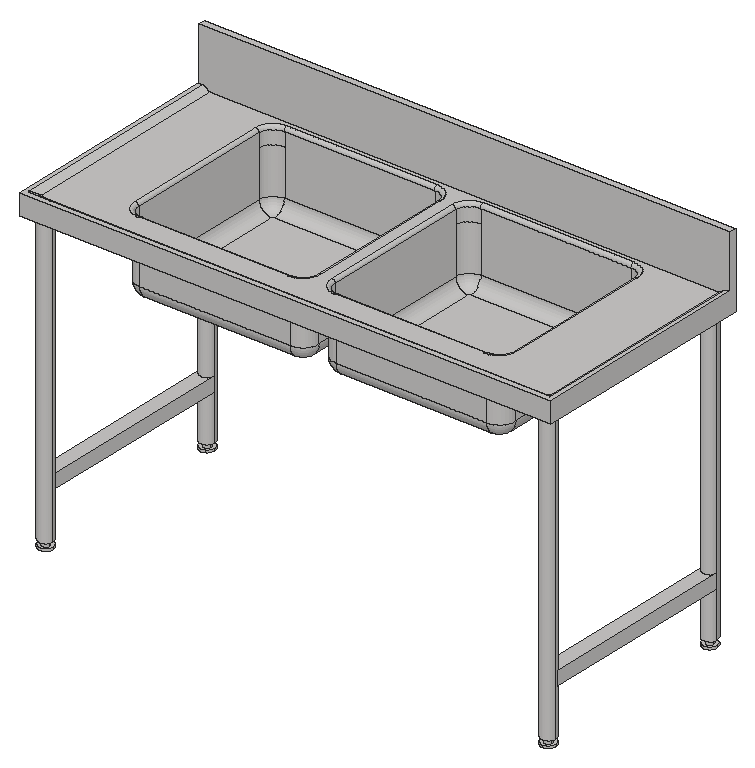
Revit family
Parameters (values of type "1500 X 650 Bowl Center")
  Material = Stainless Steel Grade 304
  Depth of Bowl = 230 mm
  Width of Bowl = 505 mm
  Length of Bowl = 505 mm
  Distance of Bowl = 220 mm
  Waste Connection Radius = Waste Connection Diameter / 2  # 20 mm
  Waste Connection Diameter = 40 mm
  WFU = 0
  URL = "http://www.autospec.co.za/browse.php?id=1644179283"
  Product Code = "None"
  OmniClass Title = ""
  OmniClass Number = ""
  Modspec Classification = ""
  Specification = ""
  Location (revit room) = ""
  Bowl Position [instance] = if(Bowl Position End, Distance of Bowl, if(Bowl Position Center, (Length / 2 - Length of Bowl - 25 mm), Distance of Bowl))  # 220 mm
  Description = ""
  Colour = none
  Bowl Position End = no
  Bowl Position Center = not(Bowl Position End)  # yes
  Body Finish = none
  Splashback Height = 150 mm
  Width = 650 mm
  Model = "Catering Sink Double Bowl Center Series KS2-1500 X 650"
  Manufacturer = "Kwikot"  # constant formula
  Length = 1500 mm
  Height = 1050 mm
  Assembly Code = "E1090300"
Reference planes
  plane 1 "Center (Front/Back)": y = 0
  plane 2 "Bottom": z = 0
  plane 3 "Center (Left/Right)": x = 0
  plane 4 "Left": x = -750
  plane 5 "Right": x = 750
  plane 6 "Front": y = -650
  plane 7 "Top": z = 1050
  plane 8: z = 900
  plane 9: z = 840
  plane 10: z = 670
  plane 11: y = -295
  plane 12: x = 277.5
  plane 13: x = -277.5
  plane 14: x = 530
  plane 15: x = -25
  plane 16: x = -530
  plane 17: x = 25
  plane 18: y = -42.5
  plane 19: y = -547.5
Forms (mm)
  Extrusion 1, solid, material "Stainless Steel Grade 304" <- "Material"
    sketch origin (-750, -491, 4000) x (0, -1, 0) y (0, 0, 1)
      loop
        line (-491, -3160) -> (159, -3160) -> (159, -3100) -> (-471, -3100) -> (-471, -2950) -> (-491, -2950) -> (-491, -3160)
    from 0 to -1500
  Blend 2, void
    base sketch origin (-779.234, -1524, 900) x (0, -1, 0) y (1, 0, 0)
      loop
        arc (-891, 41.234) -> (-887.464, 42.698) -> (-886, 46.234) r 5
        line (-886, 46.234) -> (-886, 1512.234)
        arc (-886, 1512.234) -> (-887.464, 1515.769) -> (-891, 1517.234) r 5
        line (-891, 1517.234) -> (-1504, 1517.234) -> (-1504, 41.234) -> (-891, 41.234)
    top sketch origin (-779.234, -1524, 900) x (0, -1, 0) y (1, 0, 0)
      loop
        line (-1504, 61.234) -> (-911, 61.234)
        arc (-911, 61.234) -> (-907.464, 62.698) -> (-906, 66.234) r 5
        line (-906, 66.234) -> (-906, 1492.234)
        arc (-906, 1492.234) -> (-907.464, 1495.769) -> (-911, 1497.234) r 5
        line (-911, 1497.234) -> (-1504, 1497.234) -> (-1504, 61.234)
    from 0 to -12
  Extrusion 3, void
    sketch origin (-779.234, -1524, 840) x (0, -1, 0) y (-1, 0, 0)
      loop
        line (-1481.5, -844.234) -> (-1481.5, -1269.234)
        arc (-1481.5, -1269.234) -> (-1469.784, -1297.518) -> (-1441.5, -1309.234) r 40
        line (-1441.5, -1309.234) -> (-1016.5, -1309.234)
        arc (-1016.5, -1309.234) -> (-988.216, -1297.518) -> (-976.5, -1269.234) r 40
        line (-976.5, -1269.234) -> (-976.5, -844.234)
        arc (-976.5, -844.234) -> (-988.216, -815.949) -> (-1016.5, -804.234) r 40
        line (-1016.5, -804.234) -> (-1441.5, -804.234)
        arc (-1441.5, -804.234) -> (-1469.784, -815.949) -> (-1481.5, -844.234) r 40
      loop
        arc (-1481.5, -714.234) -> (-1469.784, -742.518) -> (-1441.5, -754.234) r 40
        line (-1441.5, -754.234) -> (-1016.5, -754.234)
        arc (-1016.5, -754.234) -> (-988.216, -742.518) -> (-976.5, -714.234) r 40
        line (-976.5, -714.234) -> (-976.5, -289.234)
        arc (-976.5, -289.234) -> (-988.216, -260.949) -> (-1016.5, -249.234) r 40
        line (-1016.5, -249.234) -> (-1441.5, -249.234)
        arc (-1441.5, -249.234) -> (-1469.784, -260.949) -> (-1481.5, -289.234) r 40
        line (-1481.5, -289.234) -> (-1481.5, -714.234)
    from 0 to -60
  Sweep 4, solid, material "Stainless Steel Grade 304" <- "Material"
    path origin (-779.234, -1524, 900) x (-1, 0, 0) y (0, -1, 0)
      loop
        line (-804.234, -1441.5) -> (-804.234, -1016.5)
        arc (-804.234, -1016.5) -> (-815.949, -988.216) -> (-844.234, -976.5) r 40
        line (-844.234, -976.5) -> (-1269.234, -976.5)
        arc (-1269.234, -976.5) -> (-1297.518, -988.216) -> (-1309.234, -1016.5) r 40
        line (-1309.234, -1016.5) -> (-1309.234, -1441.5)
        arc (-1309.234, -1441.5) -> (-1297.518, -1469.784) -> (-1269.234, -1481.5) r 40
        line (-1269.234, -1481.5) -> (-844.234, -1481.5)
        arc (-844.234, -1481.5) -> (-815.949, -1469.784) -> (-804.234, -1441.5) r 40
    profile origin (25, -295, 900) x (1, 0, 0) y (0, 0, 1)
      loop
        line (0, -12) -> (-5, -12) -> (-5, -190)
        arc (-5, -190) -> (6.716, -218.284) -> (35, -230) r 40
        line (35, -230) -> (35, -225)
        arc (35, -225) -> (10.251, -214.749) -> (0, -190) r 35
        line (0, -190) -> (0, -12)
  Sweep 5, solid, material "Stainless Steel Grade 304" <- "Material"
    path origin (-779.234, -1524, 900) x (-1, 0, 0) y (0, -1, 0)
      loop
        line (-249.234, -1441.5) -> (-249.234, -1016.5)
        arc (-249.234, -1016.5) -> (-260.949, -988.216) -> (-289.234, -976.5) r 40
        line (-289.234, -976.5) -> (-714.234, -976.5)
        arc (-714.234, -976.5) -> (-742.518, -988.216) -> (-754.234, -1016.5) r 40
        line (-754.234, -1016.5) -> (-754.234, -1441.5)
        arc (-754.234, -1441.5) -> (-742.518, -1469.784) -> (-714.234, -1481.5) r 40
        line (-714.234, -1481.5) -> (-289.234, -1481.5)
        arc (-289.234, -1481.5) -> (-260.949, -1469.784) -> (-249.234, -1441.5) r 40
    profile origin (-530, -295, 900) x (1, 0, 0) y (0, 0, 1)
      loop
        line (0, -12) -> (-5, -12) -> (-5, -190)
        arc (-5, -190) -> (6.716, -218.284) -> (35, -230) r 40
        line (35, -230) -> (35, -225)
        arc (35, -225) -> (10.251, -214.749) -> (0, -190) r 35
        line (0, -190) -> (0, -12)
  Extrusion 6, solid, material "Stainless Steel Grade 304" <- "Material"
    sketch origin (-779.234, -1524, 670) x (-1, 0, 0) y (0, -1, 0)
      loop
        arc (-284.234, -1016.5) -> (-285.698, -1012.964) -> (-289.234, -1011.5) r 5
        line (-289.234, -1011.5) -> (-714.234, -1011.5)
        arc (-714.234, -1011.5) -> (-717.769, -1012.964) -> (-719.234, -1016.5) r 5
        line (-719.234, -1016.5) -> (-719.234, -1441.5)
        arc (-719.234, -1441.5) -> (-717.769, -1445.036) -> (-714.234, -1446.5) r 5
        line (-714.234, -1446.5) -> (-289.234, -1446.5)
        arc (-289.234, -1446.5) -> (-285.698, -1445.036) -> (-284.234, -1441.5) r 5
        line (-284.234, -1441.5) -> (-284.234, -1016.5)
      loop
        circle (-501.734, -1229) r 26
    from 0 to 5
  Extrusion 7, solid, material "Stainless Steel Grade 304" <- "Material"
    sketch origin (-779.234, -1524, 670) x (-1, 0, 0) y (0, -1, 0)
      loop
        arc (-839.234, -1016.5) -> (-840.698, -1012.964) -> (-844.234, -1011.5) r 5
        line (-844.234, -1011.5) -> (-1269.234, -1011.5)
        arc (-1269.234, -1011.5) -> (-1272.769, -1012.964) -> (-1274.234, -1016.5) r 5
        line (-1274.234, -1016.5) -> (-1274.234, -1441.5)
        arc (-1274.234, -1441.5) -> (-1272.769, -1445.036) -> (-1269.234, -1446.5) r 5
        line (-1269.234, -1446.5) -> (-844.234, -1446.5)
        arc (-844.234, -1446.5) -> (-840.698, -1445.036) -> (-839.234, -1441.5) r 5
        line (-839.234, -1441.5) -> (-839.234, -1016.5)
      loop
        circle (-1056.734, -1229) r 26
    from 0 to 5
  Blend 8, solid, material "Stainless Steel Grade 304" <- "Material"
    base sketch origin (-779.234, -1524, 670) x (-1, 0, 0) y (0, -1, 0)
      loop
        circle (-501.734, -1229) r 26
    top sketch origin (-779.234, -1524, 670) x (-1, 0, 0) y (0, -1, 0)
      loop
        circle (-501.734, -1229) r 20
    from 0 to -5
  Blend 9, solid, material "Stainless Steel Grade 304" <- "Material"
    base sketch origin (-779.234, -1524, 670) x (-1, 0, 0) y (0, -1, 0)
      loop
        circle (-1056.734, -1229) r 26
    top sketch origin (-779.234, -1524, 670) x (-1, 0, 0) y (0, -1, 0)
      loop
        circle (-1056.734, -1229) r 20
    from 0 to -5
  Sweep 10, void
    path origin (-779.234, -1524, 900) x (-1, 0, 0) y (0, -1, 0)
      loop
        line (-249.234, -1441.5) -> (-249.234, -1016.5)
        arc (-249.234, -1016.5) -> (-260.949, -988.216) -> (-289.234, -976.5) r 40
        line (-289.234, -976.5) -> (-714.234, -976.5)
        arc (-714.234, -976.5) -> (-742.518, -988.216) -> (-754.234, -1016.5) r 40
        line (-754.234, -1016.5) -> (-754.234, -1441.5)
        arc (-754.234, -1441.5) -> (-742.518, -1469.784) -> (-714.234, -1481.5) r 40
        line (-714.234, -1481.5) -> (-289.234, -1481.5)
        arc (-289.234, -1481.5) -> (-260.949, -1469.784) -> (-249.234, -1441.5) r 40
    profile origin (-530, -295, 900) x (1, 0, 0) y (0, 0, 1)
      loop
        line (0, -12) -> (-10, -12)
        arc (-10, -12) -> (-2.929, -14.929) -> (0, -22) r 10
        line (0, -22) -> (0, -12)
  Sweep 11, void
    path origin (-779.234, -1524, 900) x (-1, 0, 0) y (0, -1, 0)
      loop
        line (-804.234, -1441.5) -> (-804.234, -1016.5)
        arc (-804.234, -1016.5) -> (-815.949, -988.216) -> (-844.234, -976.5) r 40
        line (-844.234, -976.5) -> (-1269.234, -976.5)
        arc (-1269.234, -976.5) -> (-1297.518, -988.216) -> (-1309.234, -1016.5) r 40
        line (-1309.234, -1016.5) -> (-1309.234, -1441.5)
        arc (-1309.234, -1441.5) -> (-1297.518, -1469.784) -> (-1269.234, -1481.5) r 40
        line (-1269.234, -1481.5) -> (-844.234, -1481.5)
        arc (-844.234, -1481.5) -> (-815.949, -1469.784) -> (-804.234, -1441.5) r 40
    profile origin (25, -295, 900) x (1, 0, 0) y (0, 0, 1)
      loop
        line (0, -12) -> (-10, -12)
        arc (-10, -12) -> (-2.929, -14.929) -> (0, -22) r 10
        line (0, -22) -> (0, -12)
  Extrusion 12, solid, material "Stainless Steel Grade 304" <- "Material"
    sketch origin (0, 0, 0) x (1, 0, 0) y (0, 1, 0)
      loop
        circle (-710, -610) r 21
      loop
        circle (-710, -40) r 21
      loop
        circle (710, -610) r 21
      loop
        circle (710, -40) r 21
    from 0 to 5
  Extrusion 13, solid, material "Stainless Steel Grade 304" <- "Material"
    sketch origin (0, 0, 0) x (1, 0, 0) y (0, 1, 0)
      loop
        circle (710, -610) r 10
      loop
        circle (710, -40) r 10
      loop
        circle (-710, -40) r 10
      loop
        circle (-710, -610) r 10
    from 5 to 20
  Extrusion 14, solid, material "Stainless Steel Grade 304" <- "Material"
    sketch origin (-779.234, -1524, 840) x (-1, 0, 0) y (0, -1, 0)
      loop
        circle (-69.234, -914) r 21
      loop
        circle (-69.234, -1484) r 21
      loop
        circle (-1489.234, -1484) r 21
      loop
        circle (-1489.234, -914) r 21
    from 0 to -820
  Extrusion 15, solid, material "Stainless Steel Grade 304" <- "Material"
    sketch origin (0, 0, 0) x (1, 0, 0) y (0, 1, 0)
      loop
        line (-689, -610) -> (-689, -40)
        arc (-689, -40) -> (-710, -61) -> (-731, -40) r 21
        line (-731, -40) -> (-731, -610)
        arc (-731, -610) -> (-710, -589) -> (-689, -610) r 21
      loop
        line (689, -40) -> (689, -610)
        arc (689, -610) -> (710, -589) -> (731, -610) r 21
        line (731, -610) -> (731, -40)
        arc (731, -40) -> (710, -61) -> (689, -40) r 21
    from 150 to 190
Cuts and joins
  Blend 2, Extrusion 3, Sweep 10, Sweep 11 cuts Extrusion 1
  Sweep 10, Sweep 11 cuts Sweep 4
  Sweep 10, Sweep 11 cuts Sweep 5
  Sweep 10, Sweep 11 cuts Extrusion 6
  Sweep 10, Sweep 11 cuts Extrusion 7
  joined: Extrusion 1, Sweep 4, Sweep 5, Extrusion 6, Extrusion 7, Blend 8, Blend 9
Lines and regions (mm)
  symbolic lines
    curve 1: line (-750, 0, 750) -> (-750, -650, 750)
    curve 2: line (750, 0, 750) -> (-750, 0, 750)
    curve 3: line (750, -650, 750) -> (750, 0, 750)
    curve 4: line (-750, -650, 750) -> (750, -650, 750)
    curve 5: line (-750, -20, 750) -> (750, -20, 750)
    curve 6: line (-738, -633, 1050) -> (-738, -20, 1050)
    curve 7: arc (-733, -638, 1050) -> (-736.536, -636.536, 1050) -> (-738, -633, 1050) r 5
    curve 8: line (733, -638, 1050) -> (-733, -638, 1050)
    curve 9: line (-718, -20, 1050) -> (-718, -613, 1050)
    curve 10: arc (-718, -613, 1050) -> (-716.536, -616.536, 1050) -> (-713, -618, 1050) r 5
    curve 11: line (-713, -618, 1050) -> (713, -618, 1050)
    curve 12: arc (713, -618, 1050) -> (716.536, -616.536, 1050) -> (718, -613, 1050) r 5
    curve 13: line (718, -613, 1050) -> (718, -20, 1050)
    curve 14: arc (738, -633, 1050) -> (736.536, -636.536, 1050) -> (733, -638, 1050) r 5
    curve 15: line (738, -20, 1050) -> (738, -633, 1050)
    curve 16: line (490, -547.5, 1050) -> (65, -547.5, 1050)
    curve 17: arc (65, -547.5, 1050) -> (36.716, -535.784, 1050) -> (25, -507.5, 1050) r 40
    curve 18: line (25, -507.5, 1050) -> (25, -82.5, 1050)
    curve 19: arc (25, -82.5, 1050) -> (36.716, -54.216, 1050) -> (65, -42.5, 1050) r 40
    curve 20: line (65, -42.5, 1050) -> (490, -42.5, 1050)
    curve 21: arc (490, -42.5, 1050) -> (518.284, -54.216, 1050) -> (530, -82.5, 1050) r 40
    curve 22: line (530, -82.5, 1050) -> (530, -507.5, 1050)
    curve 23: arc (530, -507.5, 1050) -> (518.284, -535.784, 1050) -> (490, -547.5, 1050) r 40
    curve 24: line (-530, -82.5, 1050) -> (-530, -507.5, 1050)
    curve 25: arc (-530, -82.5, 1050) -> (-518.284, -54.216, 1050) -> (-490, -42.5, 1050) r 40
    curve 26: line (-65, -42.5, 1050) -> (-490, -42.5, 1050)
    curve 27: arc (-65, -42.5, 1050) -> (-36.716, -54.216, 1050) -> (-25, -82.5, 1050) r 40
    curve 28: line (-25, -507.5, 1050) -> (-25, -82.5, 1050)
    curve 31: arc (-25, -507.5, 1050) -> (-36.716, -535.784, 1050) -> (-65, -547.5, 1050) r 40
    curve 32: line (-490, -547.5, 1050) -> (-65, -547.5, 1050)
    curve 33: arc (-490, -547.5, 1050) -> (-518.284, -535.784, 1050) -> (-530, -507.5, 1050) r 40
  symbolic lines, detail levels fine
    curve 29: arc (-303.5, -295, 1050) -> (-277.5, -269, 1050) -> (-251.5, -295, 1050) r 26
    curve 30: arc (-251.5, -295, 1050) -> (-277.5, -321, 1050) -> (-303.5, -295, 1050) r 26
    curve 34: arc (303.5, -295, 1050) -> (277.5, -321, 1050) -> (251.5, -295, 1050) r 26
    curve 35: arc (251.5, -295, 1050) -> (277.5, -269, 1050) -> (303.5, -295, 1050) r 26
Dimensions and locks
  equal spacing: plane 4 "Left", plane 3 "Center (Left/Right)", plane 5 "Right"
  "Length": plane 4 "Left" to plane 5 "Right"
  "Width": plane 1 "Center (Front/Back)" to plane 6 "Front"
  "Height": plane 7 "Top" to level
  "Splashback Height": plane 7 "Top" to plane 8
  Blend 2 sketch curve to plane 6 "Front" = 12 mm
  plane 11 to plane 1 "Center (Front/Back)" = 295 mm
  Blend 2 sketch curve to var sketch = 20 mm  (x2)
  var sketch to Blend 2 sketch curve = 20 mm
  "Depth of Bowl": plane 8 to plane 10
  "Width of Bowl": plane 18 to plane 19
  "Length of Bowl": plane 16 to plane 15
  equal spacing: plane 16, plane 13, plane 15
  "Length of Bowl": plane 17 to plane 14
  equal spacing: plane 17, plane 12, plane 14
  plane 8 to plane 9 = 60 mm
  plane 4 "Left" to Extrusion 12 sketch curve = 40 mm  (x2)
  Extrusion 12 sketch curve to plane 6 "Front" = 40 mm  (x2)
  Extrusion 12 sketch curve to plane 1 "Center (Front/Back)" = 40 mm  (x2)
  Extrusion 12 sketch curve to plane 5 "Right" = 40 mm  (x2)
  Extrusion 13 sketch curve to plane 1 "Center (Front/Back)" = 40 mm  (x2)
  plane 4 "Left" to Extrusion 13 sketch curve = 40 mm  (x2)
  Extrusion 13 sketch curve to plane 6 "Front" = 40 mm  (x2)
  Extrusion 13 sketch curve to plane 5 "Right" = 40 mm  (x2)
  Extrusion 15 to plane 2 "Bottom" = 150 mm
  "Bowl Position": plane 14 to plane 5 "Right"
  plane 15 to plane 17 = 50 mm
  equal spacing: plane 18, plane 11, plane 19
  radius of Extrusion 3 sketch curve = 40 mm  (x8)
  radius of Extrusion 7 sketch curve = 26 mm
  "Waste Connection Radius": radius of Blend 8 sketch curve
  "Waste Connection Radius": radius of Blend 9 sketch curve
  radius of Extrusion 12 sketch curve = 21 mm  (x4)
  radius of Extrusion 13 sketch curve = 10 mm  (x4)
  aligned and locked: level to plane 2 "Bottom"
  aligned and locked: Extrusion 1 sketch curve to plane 9
  aligned and locked: Extrusion 1 sketch curve to plane 1 "Center (Front/Back)"
  aligned and locked: plane 8 to Extrusion 1 sketch curve
  aligned and locked: Extrusion 1 sketch curve to plane 6 "Front"
  aligned and locked: plane 7 "Top" to Extrusion 1 sketch curve
  aligned and locked: plane 4 "Left" to Extrusion 1
  aligned and locked: Extrusion 1 to plane 5 "Right"
  aligned and locked: var sketch to Blend 2 sketch curve
  aligned and locked: plane 8 to Extrusion 3
  aligned and locked: Extrusion 3 to plane 9
  aligned and locked: Sweep 4 sketch curve to cut or joined group 1 (Extrusion 1, Blend 2, Extrusion 3, Sweep 4, Sweep 5, Extrusion 6, Extrusion 7, Blend 8, Blend 9, Sweep 10, Sweep 11)  (x6)
  aligned and locked: curve 7 to cut or joined group 1
  aligned and locked: curve 9 to cut or joined group 1
  aligned and locked: curve 10 to cut or joined group 1
  aligned and locked: curve 12 to cut or joined group 1
  aligned and locked: curve 14 to cut or joined group 1
  aligned and locked: curve 15 to cut or joined group 1
  aligned and locked: curve 17 to cut or joined group 1
  aligned and locked: curve 19 to cut or joined group 1
  aligned and locked: curve 21 to cut or joined group 1
  aligned and locked: curve 23 to cut or joined group 1
  aligned and locked: Sweep 5 sketch curve to cut or joined group 1  (x6)
  aligned and locked: Extrusion 6 sketch curve to cut or joined group 1  (x4)
  aligned and locked: plane 11 to Extrusion 6 sketch curve
  aligned and locked: plane 13 to Extrusion 6 sketch curve
  aligned and locked: Extrusion 7 sketch curve to cut or joined group 1  (x4)
  aligned and locked: plane 11 to Extrusion 7 sketch curve
  aligned and locked: plane 12 to Extrusion 7 sketch curve
  aligned and locked: curve 25 to cut or joined group 1
  aligned and locked: curve 27 to cut or joined group 1
  aligned and locked: curve 29 to cut or joined group 1
  aligned and locked: curve 30 to cut or joined group 1
  aligned and locked: curve 31 to cut or joined group 1
  aligned and locked: curve 33 to cut or joined group 1
  aligned and locked: curve 34 to cut or joined group 1
  aligned and locked: curve 35 to cut or joined group 1
  aligned and locked: Blend 8 sketch curve to cut or joined group 1  (x2)
  aligned and locked: plane 11 to Blend 8 sketch curve
  aligned and locked: plane 13 to Blend 8 sketch curve
  aligned and locked: Blend 9 sketch curve to cut or joined group 1  (x2)
  aligned and locked: plane 11 to Blend 9 sketch curve
  aligned and locked: plane 12 to Blend 9 sketch curve
  aligned and locked: plane 10 to Sweep 5 sketch curve
  aligned and locked: plane 10 to Sweep 4 sketch curve
  aligned and locked: plane 18 to Extrusion 3 sketch curve
  aligned and locked: Extrusion 3 sketch curve to plane 18
  aligned and locked: plane 19 to Extrusion 3 sketch curve
  aligned and locked: Extrusion 3 sketch curve to plane 19
  aligned and locked: plane 16 to Extrusion 3 sketch curve
  aligned and locked: plane 15 to Extrusion 3 sketch curve
  aligned and locked: plane 17 to Extrusion 3 sketch curve
  aligned and locked: plane 14 to Extrusion 3 sketch curve
  aligned and locked: Sweep 10 sketch curve to cut or joined group 1  (x4)
  aligned and locked: profile plane to Sweep 10 sketch curve
  aligned and locked: cut or joined group 1 to Sweep 10 sketch curve
  aligned and locked: Sweep 11 sketch curve to cut or joined group 1  (x4)
  aligned and locked: profile plane to Sweep 11 sketch curve
  aligned and locked: cut or joined group 1 to Sweep 11 sketch curve
  aligned and locked: Extrusion 12 to plane 2 "Bottom"
  aligned and locked: Extrusion 13 to Extrusion 12
  aligned and locked: Extrusion 14 sketch curve to Extrusion 12  (x8)
  aligned and locked: plane 9 to Extrusion 14
  aligned and locked: Extrusion 14 to Extrusion 13
  aligned and locked: Extrusion 15 sketch curve to Extrusion 14  (x4)
Automatic sketch dimensions
  plane 1 "Center (Front/Back)" to Extrusion 1 sketch curve = 20 mm
  Blend 2 sketch curve to Blend 2 sketch curve = 5 mm  (x4)
  plane 1 "Center (Front/Back)" to Blend 2 sketch curve = 20 mm
  Blend 2 sketch curve to plane 4 "Left" = 12 mm
  plane 5 "Right" to Blend 2 sketch curve = 17 mm
  plane 1 "Center (Front/Back)" to curve 3 = 0 mm
  curve 3 to plane 5 "Right" = 0 mm
  curve 4 to plane 4 "Left" = 0 mm
  curve 4 to plane 6 "Front" = 0 mm
  curve 1 to curve 5 = 20 mm
  plane 1 "Center (Front/Back)" to curve 15 = 20 mm
  plane 1 "Center (Front/Back)" to curve 9 = 20 mm
  plane 1 "Center (Front/Back)" to curve 13 = 20 mm
  curve 6 to curve 9 = 0 mm
  Sweep 5 sketch curve to Sweep 5 sketch curve = 0 mm
  profile plane to Sweep 5 sketch curve = 5 mm
  Sweep 5 sketch curve to profile plane = 35 mm
  Sweep 4 sketch curve to Sweep 4 sketch curve = 0 mm
  profile plane to Sweep 4 sketch curve = 5 mm
  Sweep 4 sketch curve to Sweep 4 sketch curve = 35 mm
  Sweep 10 sketch curve to Sweep 10 sketch curve = 10 mm  (x3)
  Sweep 10 sketch curve to Sweep 10 sketch curve = 0 mm
  profile plane to Sweep 10 sketch curve = 0 mm
  Sweep 11 sketch curve to Sweep 11 sketch curve = 10 mm  (x3)
  Sweep 11 sketch curve to Sweep 11 sketch curve = 0 mm
  profile plane to Sweep 11 sketch curve = 0 mm
  radius of Extrusion 6 sketch curve = 26 mm
Connectors
  piping at (-277.5, -295, 665), driven by "Waste Connection Radius", driven by "WFU"
    settings: on Blend 8, index 1, connector radius 20 mm, flow factor 0, pipe flow 0.0 L/s, pressure drop 0.0 Pa, fitting loss kfactor 0, connector angle 0.00°, fixture units 0, flow configuration 3, flow direction 2, fitting loss method 0, system type 16, connector reference index -1, connector utility 0, adjustable connector no, is connector primary yes, fitting loss table "", connector description "Waste Connection"
  piping at (277.5, -295, 665), driven by "Waste Connection Radius", driven by "WFU"
    settings: on Blend 9, index 2, connector radius 20 mm, flow factor 0, pipe flow 0.0 L/s, pressure drop 0.0 Pa, fitting loss kfactor 0, connector angle 0.00°, fixture units 0, flow configuration 3, flow direction 2, fitting loss method 0, system type 16, connector reference index -1, connector utility 0, adjustable connector no, is connector primary no, fitting loss table "", connector description "Waste Connection"
